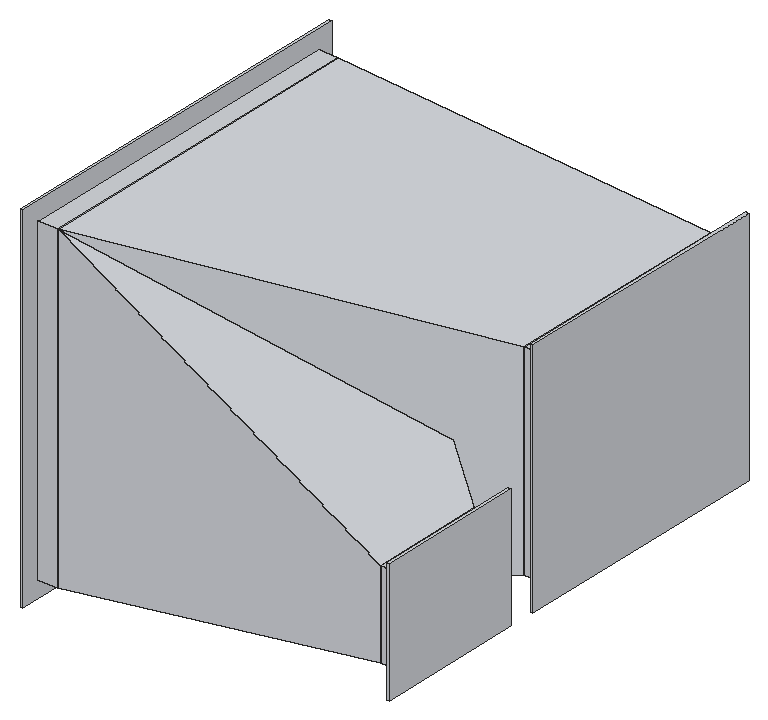
Revit family "RE Hosenstück HS - Flansch", category Luftkanalformteile, Revit 2014
Parameters (values of type "Allgemein")
  x2 2 [instance] = 50 mm  # constant formula
  x2 [instance] = 35 mm
  x1 2 [instance] = 50 mm  # constant formula
  x1 1 [instance] = if(x1 = 0 mm, x1 2, x1)  # 35 mm
  x1 [instance] = 35 mm
  m1 [instance] = if(not(m = 0 mm), m, abs(0.896 * m - 107.1 mm))  # 107.1 mm
  m [instance] = 0 mm
  x2 1 [instance] = if(x2 = 0 mm, x2 2, x2)  # 35 mm
  l1 [instance] = if(l = 0 mm, Länge l1, l)  # 600 mm
  l [instance] = 0 mm
  h [instance] = 200 mm
  g [instance] = 150 mm
  f1 [instance] = if(f < -2000 mm, -2000 mm, if(f < 2000 mm, f, 2000 mm))  # 40 mm
  f [instance] = 40 mm
  e1 [instance] = if(e < -2000 mm, -2000 mm, if(e < 2000 mm, e, 2000 mm))  # 50 mm
  e [instance] = 50 mm
  d [instance] = 400 mm
  c [instance] = 350 mm
  Vertikaler Profilversatz 2 [instance] = -(a - g) / 2 + e1  # -150 mm
  Vertikaler Profilversatz 1 [instance] = -(a - c) / 2 + e1  # -50 mm
  Min hg [instance] = if(h < g, h, g)  # 150 mm
  Min cdhg [instance] = if(Min. cd < Min hg, Min. cd, Min hg)  # 150 mm
  Min. cd [instance] = if(c < d, c, d)  # 350 mm
  Min. ab [instance] = if(a < b, a, b)  # 550 mm
  Max hg [instance] = if(h > g, h, g)  # 200 mm
  Max cdhg [instance] = if(Max. cd > Max hg, Max. cd, Max hg)  # 400 mm
  Max. cd [instance] = if(c > d, c, d)  # 400 mm
  Max abcdhg [instance] = if(Max. abcd > Max cdhg, Max. abcd, Max cdhg)  # 600 mm
  Max. abcd [instance] = if(Max. ab > Max. cd, Max. ab, Max. cd)  # 600 mm
  Max. ab [instance] = if(a > b, a, b)  # 600 mm
  Länge l1 [instance] = if(Max abcdhg > x1 1 + x2 1, Max abcdhg, Max abcdhg + x1 1 + x2 1)  # 600 mm
  Länge 7 [instance] = Länge 3 - (b / 2 - h / 2 - f)  # 4840 mm
  Länge 6 [instance] = Länge 3 + (f + h + m1 + d / 2 - b / 2)  # 5247.1 mm
  Länge 5 [instance] = Länge 3 - (a / 2 - g / 2 - e)  # 4850 mm
  Länge 4 [instance] = Länge 3 - (a / 2 - c / 2 - e)  # 4950 mm
  Länge 3 [instance] = 5000 mm  # constant formula
  Länge 2 [instance] = if(x2 1 = 0 mm, 0 mm, x2 1)  # 35 mm
  Länge 1 [instance] = if(x1 1 = 0 mm, 0 mm, x1 1)  # 35 mm
  a [instance] = 550 mm
  b [instance] = 600 mm
  Horizontaler Profilversatz 2 [instance] = -((b - h) / 2) + f1  # -160 mm
  Horizontaler Profilversatz 1 [instance] = -((b - d) / 2) + (f1 + h + m1)  # 247.1 mm
  Flansch h [instance] = h + Flanschverlängerung * 2  # 260 mm
  Flansch g [instance] = g + Flanschverlängerung * 2  # 210 mm
  Flansch d [instance] = d + Flanschverlängerung * 2  # 460 mm
  Flansch c [instance] = c + Flanschverlängerung * 2  # 410 mm
  Flansch b [instance] = b + Flanschverlängerung * 2  # 660 mm
  Flansch a [instance] = a + Flanschverlängerung * 2  # 610 mm
  Flanschstärke [instance] = 5 mm
  Flanschverlängerung [instance] = 30 mm
Reference planes
  plane 1 "Mitte (vorne/hinten)": y = 0
  plane 2: z = 0
  plane 3 "Mitte (links/rechts)": x = 0
  plane 4: x = 40
  plane 5: x = 40
  plane 6: x = 600
  plane 7: x = 560
  plane 8: x = 560
  plane 9: z = -5000
  plane 10: z = -50
  plane 11: z = -150
  plane 12: y = -5000
  plane 13: y = 247.1
  plane 14: y = -160
  plane 15: z = 275
  plane 16: y = 300
  plane 17: y = -300
  plane 18: z = -275
  plane 19: y = 447.1
  plane 20: y = 47.1
  plane 21: z = 125
  plane 22: z = -225
  plane 23: y = -60
  plane 24: y = -260
  plane 25: z = -75
  plane 26: z = -225
  plane 27: x = 595
  plane 28: x = 5
  plane 29: y = 330
  plane 30: y = -330
  plane 31: y = 477.1
  plane 32: y = 17.1
  plane 33: y = -30
  plane 34: y = -290
Forms (mm)
  Sweep 1, solid, detail levels medium+fine
    path in 3D
      loop
        line (0, 0, 0) -> (40, 0, 0)
    profile "Luftkanal - rechteckig : Luftkanal - rechteckig 1" origin (20, 0, 0) x (0, 1, 0) y (0, 0, 1)
      loop
        line (-300, 275) -> (-300, -275) -> (300, -275) -> (300, 275) -> (-300, 275)
  SweptBlend 2, solid, detail levels medium+fine
    path in 3D
      loop
        line (40, 0, 0) -> (560, 0, 0)
    profile "Luftkanal - rechteckig : Luftkanal - rechteckig 1" origin (40, 0, 0) x (0, 1, 0) y (0, 0, 1)
      loop
        line (-300, 275) -> (-300, -275) -> (300, -275) -> (300, 275) -> (-300, 275)
    end profile "Luftkanal - rechteckig : Luftkanal - rechteckig 2" origin (560, 0, 0) x (0, 1, 0) y (0, 0, 1)
      loop
        line (47.1, 125) -> (47.1, -225) -> (447.1, -225) -> (447.1, 125) -> (47.1, 125)
  SweptBlend 3, solid, detail levels medium+fine
    path in 3D
      loop
        line (40, 0, 0) -> (560, 0, 0)
    profile "Luftkanal - rechteckig : Luftkanal - rechteckig 1" origin (40, 0, 0) x (0, 1, 0) y (0, 0, 1)
      loop
        line (-300, 275) -> (-300, -275) -> (300, -275) -> (300, 275) -> (-300, 275)
    end profile "Luftkanal - rechteckig : Luftkanal - rechteckig 3" origin (560, 0, 0) x (0, 1, 0) y (0, 0, 1)
      loop
        line (-260, -75) -> (-260, -225) -> (-60, -225) -> (-60, -75) -> (-260, -75)
  Sweep 4, solid, detail levels medium+fine
    path in 3D
      loop
        line (560, 0, 0) -> (600, 0, 0)
    profile "Luftkanal - rechteckig : Luftkanal - rechteckig 2" origin (580, 0, 0) x (0, 1, 0) y (0, 0, 1)
      loop
        line (47.1, 125) -> (47.1, -225) -> (447.1, -225) -> (447.1, 125) -> (47.1, 125)
  Sweep 5, solid, detail levels medium+fine
    path in 3D
      loop
        line (560, 0, 0) -> (600, 0, 0)
    profile "Luftkanal - rechteckig : Luftkanal - rechteckig 3" origin (580, 0, 0) x (0, 1, 0) y (0, 0, 1)
      loop
        line (-260, -75) -> (-260, -225) -> (-60, -225) -> (-60, -75) -> (-260, -75)
  Blend 6, solid, not visible
    base sketch origin (0, 0, 0) x (0, 1, 0) y (0, 0, 1)
      loop
        line (447.1, 125) -> (247.1, 125) -> (247.1, -50) -> (447.1, -50) -> (447.1, 125)
    top sketch origin (0, 0, 0) x (0, 1, 0) y (0, 0, 1)
      loop
        line (300, 275) -> (0, 275) -> (0, 0) -> (300, 0) -> (300, 275)
    from 560 to 40
  Blend 7, solid, not visible
    base sketch origin (0, 0, 0) x (0, 1, 0) y (0, 0, 1)
      loop
        line (0, 275) -> (-300, 275) -> (-300, 0) -> (0, 0) -> (0, 275)
    top sketch origin (0, 0, 0) x (0, 1, 0) y (0, 0, 1)
      loop
        line (-160, -75) -> (-260, -75) -> (-260, -150) -> (-160, -150) -> (-160, -75)
    from 40 to 560
  Sweep 8, solid, detail levels fine
    path in 3D
      loop
        line (0, 0, 0) -> (5, 0, 0)
    profile "Luftkanal - rechteckig : Luftkanal - Flansch 1" origin (2.5, 0, 0) x (0, 1, 0) y (0, 0, 1)
      loop
        line (-330, 305) -> (-330, -305) -> (330, -305) -> (330, 305) -> (-330, 305)
  Sweep 9, solid, detail levels fine
    path in 3D
      loop
        line (595, 0, 0) -> (600, 0, 0)
    profile "Luftkanal - rechteckig : Luftkanal - Flansch 2" origin (597.5, 0, 0) x (0, 1, 0) y (0, 0, 1)
      loop
        line (17.1, 155) -> (17.1, -255) -> (477.1, -255) -> (477.1, 155) -> (17.1, 155)
  Sweep 10, solid, detail levels fine
    path in 3D
      loop
        line (595, 0, 0) -> (600, 0, 0)
    profile "Luftkanal - rechteckig : Luftkanal - Flansch 3" origin (597.5, 0, 0) x (0, 1, 0) y (0, 0, 1)
      loop
        line (-290, -45) -> (-290, -255) -> (-30, -255) -> (-30, -45) -> (-290, -45)
Cuts and joins
  joined: SweptBlend 2, SweptBlend 3
Lines and regions (mm)
  reference lines
    curve 1: line (0, 0, 0) -> (40, 0, 0)
    curve 2: line (560, 0, 0) -> (600, 0, 0)
    curve 4: line (40, 0, 0) -> (560, 0, 0)
    curve 14: line (0, 0, 0) -> (5, 0, 0)
    curve 15: line (595, 0, 0) -> (600, 0, 0)
  sketch lines
    curve 3: line (0, 0, 0) -> (40, 0, 0)
    curve 5: line (40, 0, 0) -> (560, 0, 0)
    curve 6: line (40, 0, 0) -> (560, 0, 0)
    curve 7: line (560, 0, 0) -> (600, 0, 0)
    curve 8: line (560, 0, 0) -> (600, 0, 0)
    curve 16: line (0, 0, 0) -> (5, 0, 0)
    curve 17: line (595, 0, 0) -> (600, 0, 0)
    curve 18: line (595, 0, 0) -> (600, 0, 0)
  model lines, detail levels coarse
    curve 9: line (0, 0, 0) -> (40, 0, 0)
    curve 10: line (560, 247.1, -50) -> (600, 247.1, -50)
    curve 11: line (560, -160, -150) -> (600, -160, -150)
    curve 12: line (40, 0, 0) -> (560, 247.1, -50)
    curve 13: line (40, 0, 0) -> (560, -160, -150)
    curve 19: line (0, 330, 0) -> (0, -330, 0)
    curve 20: line (600, 477.1, -50) -> (600, 17.1, -50)
    curve 21: line (600, -30, -150) -> (600, -290, -150)
Dimensions and locks
  "l1": plane 3 "Mitte (links/rechts)" to plane 6
  "Länge 3": plane 2 to plane 9
  "Länge 4": plane 10 to plane 9
  "Länge 5": plane 11 to plane 9
  "Länge 3": plane 1 "Mitte (vorne/hinten)" to plane 12
  "Länge 6": plane 13 to plane 12
  "Länge 7": plane 14 to plane 12
  equal spacing: plane 16, plane 1 "Mitte (vorne/hinten)", plane 17
  "b": plane 16 to plane 17
  equal spacing: plane 15, plane 2, plane 18
  "a": plane 15 to plane 18
  equal spacing: plane 19, plane 13, plane 20
  "d": plane 19 to plane 20
  equal spacing: plane 21, plane 10, plane 22
  "c": plane 21 to plane 22
  equal spacing: plane 23, plane 14, plane 24
  "h": plane 23 to plane 24
  equal spacing: plane 25, plane 11, plane 26
  "g": plane 25 to plane 26
  "Flanschstärke": plane 3 "Mitte (links/rechts)" to plane 28
  "Flanschstärke": plane 27 to plane 6
  "x1 1": plane 28 to plane 4
  "Länge 1": plane 28 to plane 5
  "x2 1": plane 7 to plane 27
  "Länge 2": plane 8 to plane 27
  equal spacing: plane 29, plane 1 "Mitte (vorne/hinten)", plane 30
  "Flansch b": plane 29 to plane 30
  equal spacing: plane 31, plane 13, plane 32
  "Flansch d": plane 31 to plane 32
  equal spacing: plane 33, plane 14, plane 34
  "Flansch h": plane 33 to plane 34
  aligned and locked: plane 5 to curve 1
  aligned and locked: plane 3 "Mitte (links/rechts)" to curve 1
  aligned and locked: plane 1 "Mitte (vorne/hinten)" to curve 1
  aligned and locked: plane 8 to curve 2
  aligned and locked: plane 6 to curve 2
  aligned and locked: plane 1 "Mitte (vorne/hinten)" to curve 2
  aligned and locked: plane 4 to curve 4
  aligned and locked: plane 7 to curve 4
  aligned and locked: plane 1 "Mitte (vorne/hinten)" to curve 4
  aligned and locked: plane 5 to curve 9
  aligned and locked: plane 3 "Mitte (links/rechts)" to curve 9
  aligned and locked: plane 1 "Mitte (vorne/hinten)" to curve 9
  aligned and locked: plane 8 to curve 10
  aligned and locked: plane 6 to curve 10
  aligned and locked: curve 10 to plane 13
  aligned and locked: plane 8 to curve 11
  aligned and locked: plane 6 to curve 11
  aligned and locked: curve 11 to plane 14
  aligned and locked: Blend 6 to plane 4
  aligned and locked: plane 7 to Blend 6
  aligned and locked: Blend 6 sketch curve to plane 15
  aligned and locked: plane 16 to Blend 6 sketch curve
  aligned and locked: plane 2 to Blend 6 sketch curve
  aligned and locked: Blend 6 sketch curve to plane 1 "Mitte (vorne/hinten)"
  aligned and locked: plane 19 to Blend 6 sketch curve
  aligned and locked: Blend 6 sketch curve to plane 21
  aligned and locked: plane 13 to Blend 6 sketch curve
  aligned and locked: plane 10 to Blend 6 sketch curve
  aligned and locked: plane 10 to curve 12
  aligned and locked: plane 13 to curve 12
  aligned and locked: plane 2 to curve 12
  aligned and locked: plane 1 "Mitte (vorne/hinten)" to curve 12
  aligned and locked: Blend 7 sketch curve to plane 15
  aligned and locked: plane 1 "Mitte (vorne/hinten)" to Blend 7 sketch curve
  aligned and locked: plane 2 to Blend 7 sketch curve
  aligned and locked: Blend 7 sketch curve to plane 17
  aligned and locked: plane 11 to Blend 7 sketch curve
  aligned and locked: Blend 7 sketch curve to plane 14
  aligned and locked: Blend 7 sketch curve to plane 25
  aligned and locked: Blend 7 sketch curve to plane 24
  aligned and locked: Blend 7 to plane 4
  aligned and locked: plane 7 to Blend 7
  aligned and locked: plane 11 to curve 13
  aligned and locked: plane 14 to curve 13
  aligned and locked: plane 2 to curve 13
  aligned and locked: plane 1 "Mitte (vorne/hinten)" to curve 13
  aligned and locked: plane 28 to curve 14
  aligned and locked: plane 3 "Mitte (links/rechts)" to curve 14
  aligned and locked: plane 1 "Mitte (vorne/hinten)" to curve 14
  aligned and locked: plane 6 to curve 15
  aligned and locked: plane 27 to curve 15
  aligned and locked: plane 1 "Mitte (vorne/hinten)" to curve 15
  aligned and locked: plane 29 to curve 19
  aligned and locked: plane 30 to curve 19
  aligned and locked: curve 19 to plane 3 "Mitte (links/rechts)"
  aligned and locked: plane 31 to curve 20
  aligned and locked: plane 32 to curve 20
  aligned and locked: curve 20 to plane 6
  aligned and locked: plane 33 to curve 21
  aligned and locked: plane 34 to curve 21
  aligned and locked: curve 21 to plane 6
Automatic sketch dimensions
  curve 12 to Blend 6 = 0 mm  (x4)
  curve 13 to Blend 7 = 0 mm  (x3)
  Blend 7 to curve 13 = 0 mm
Connectors
  hvac at (0, 0, 0), driven by "a", driven by "b"
    settings: on Sweep 1, index 1, duct flow 0.0 L/s, flow factor 0, pres drop 0.0 Pa, loss coef 0, conn angle 0.00°, conn width 600 mm, conn height 550 mm, conn diameter 609.6 mm, duct sys type 28, conn prof type 1, flow config 0, flow direction 0, loss method 0, conn ref index 2, conn util no, is conn primary yes, conn desc ""
  hvac at (600, 247.1, -50), driven by "c", driven by "d"
    settings: on Sweep 4, index 2, duct flow 0.0 L/s, flow factor 0, pres drop 0.0 Pa, loss coef 0, conn angle 0.00°, conn width 400 mm, conn height 350 mm, conn diameter 609.6 mm, duct sys type 28, conn prof type 1, flow config 0, flow direction 0, loss method 0, conn ref index 1, conn util no, is conn primary no, conn desc ""
  hvac at (600, -160, -150), driven by "g", driven by "h"
    settings: on Sweep 5, index 3, duct flow 0.0 L/s, flow factor 0, pres drop 0.0 Pa, loss coef 0, conn angle 0.00°, conn width 200 mm, conn height 150 mm, conn diameter 609.6 mm, duct sys type 28, conn prof type 1, flow config 0, flow direction 0, loss method 0, conn ref index -1, conn util no, is conn primary no, conn desc ""
